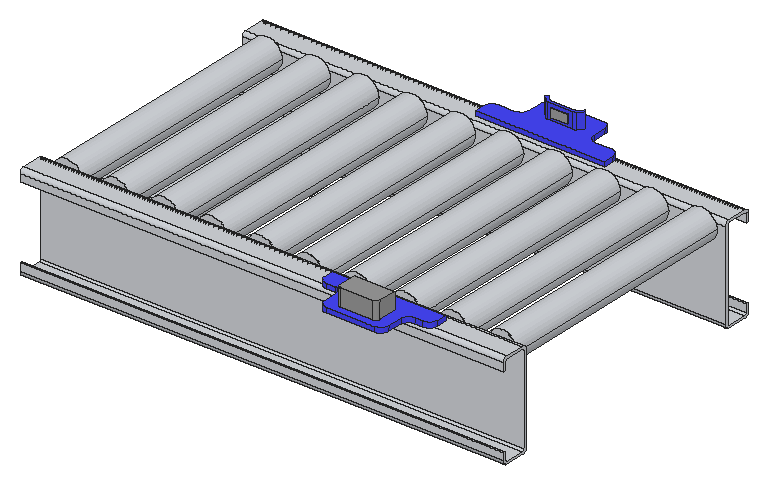
Revit family "C380_ENTRY", category Specialty Equipment, Revit 2025
Family settings
  Round Connector Dimension = Use Diameter
  Part Type = Normal
  Work Plane-Based = No
  Enable Cutting in Views = No
  Always vertical = Yes
  Cut with Voids When Loaded = No
  Maintain Annotation Orientation = No
  Shared = No
  Room Calculation Point = No
Parameters (values of type "C380-ENTRY-18"")
  Weight [instance] = 0
  Version = ""
  Subsystem [instance] = ""
  Special_Part_Number [instance] = ""
  Special_Description [instance] = ""
  Special_Bed [instance] = no
  Segment [instance] = ""
  SIO_Block_Number [instance] = ""
  Material_Number [instance] = ""
  MCP [instance] = ""
  Lookup Table Name BCL [instance] = "BOTTOM_COVER_BCL"
  Lookup Table Name [instance] = "PHOTO_EYE"
  Load_Envelope_Height [instance] = 1' - 0"
  Load_Envelope [instance] = no
  IO_Block_Number [instance] = ""
  Field_Cut [instance] = no
  Estop_Zone [instance] = ""
  Error_State [instance] = no
  Default Elevation = 0' - 0"
  Conveyor_Number [instance] = "100"
  Conveyor_Elevation_Out [instance] = Conveyor_Elevation_In  # 2' - 6"
  Conveyor_Elevation_In [instance] = 2' - 6"
  CLR_ZONE_CONTROL = "N"
  CLR_ZONES [instance] = 2' - 0"
  CLR_VFD = no
  CLR_TE_POSITION = "N"
  CLR_TAKE_UP_SPRING_QUANTITY = 0
  CLR_TAKE_UP = "N"
  CLR_SUBCLASS = ""
  CLR_SPRING_COVER [instance] = no
  CLR_SPEED_FPM = 0
  CLR_SLAVE_RATIO = "N"
  CLR_SENSOR_SKEW [instance] = size_lookup(Lookup Table Name, "CSS", CLR_PhotoEye_SP, CLR_NOMINAL_WIDTH, CLR_ZONES, CLR_SENSOR_ANGLE)  # 1' - 0"
  CLR_SENSOR_MOUNT [instance] = "Side"
  CLR_SENSOR_HAND [instance] = "Left"
  CLR_SENSOR_ANGLE [instance] = 9.00°
  CLR_ROLLER_NUM [instance] = CLR_BED_LENGTH / CLR_ROLLER_CENTER  # 10
  CLR_ROLLER_CENTER [instance] = 0' - 3"
  CLR_PhotoEye_SP [instance] = if(CLR_ZONES = 3' 0", 1' 0", if(CLR_ZONES = 2' 0", 0' 8", 0' 8"))  # 0' - 8"
  CLR_PULLEY_TYPE = "N"
  CLR_POPOUT_CARRYING_ROLLERS [instance] = no
  CLR_NOMINAL_WIDTH + 1" [instance] = CLR_NOMINAL_WIDTH + 0' 1"  # 1' - 7"
  CLR_NOMINAL_WIDTH  -2.5" [instance] = CLR_NOMINAL_WIDTH - 0' 2 1/2"  # 1' - 3 1/2"
  CLR_NOMINAL_WIDTH [instance] = if(Bed_Width = 1' 6", 1' 6", if(Bed_Width = 2' 0", 2' 0", if(Bed_Width = 2' 6", 2' 6", if(Bed_Width = 3' 0", 3' 0", if(Bed_Width = 3' 6", 3' 6", 1' 6")))))  # 1' - 6"
  CLR_MOTOR_VOLTAGE = "N"
  CLR_MOTOR_TYPE = "N"
  CLR_MOTOR_HP = 0
  CLR_MODULE = ""
  CLR_LIFTER_ROLLER_CENTER [instance] = 0' - 6"
  CLR_FINGER_GUARD [instance] = no
  CLR_DRIVE_TRAIN_TYPE = "N"
  CLR_DRIVE_SIZE = 0
  CLR_CONTROL_VOLTAGE = "N"
  CLR_CONTROL_DEVICE = "N"
  CLR_CONNECTION_KIT = "N"
  CLR_CARRYING_ROLLER [instance] = "Standard\r\nStandard\r\nStandard"
  CLR_BOTTOM_COVERS [instance] = no
  CLR_BED_LENGTH [instance] = Bed_Length  # 2' - 6"
  CLR_ASSEMBLY_HAND = "N"
  CLR_AIR_BRAKE = 0
  Belting [instance] = if(Bed_Width = 1' 6", 0' 8", if(Bed_Width = 2' 0", 0' 8", if(Bed_Width = 2' 6", 0' 8", if(Bed_Width = 3' 0", 0' 8", if(Bed_Width = 3' 6", 0' 8", 0' 8")))))  # 0' - 8"
  Bed_Width [instance] = 1' - 6"
  Bed_Length [instance] = if(CLR_ZONES = 3' 0", 3' 6", if(CLR_ZONES = 2' 0", 2' 6", 3' 6"))  # 2' - 6"
  BOTTOM_COVERS_LENGTH [instance] = Bed_Length  # 2' - 6"
  Asset ID [instance] = ""
  Air_Consumption [instance] = 0
Types (5): name | Conveyor_Elevation_Out | Conveyor_Elevation_In | CLR_ZONES | CLR_SENSOR_SKEW | CLR_ROLLER_NUM | CLR_PhotoEye_SP | CLR_NOMINAL_WIDTH + 1" | CLR_NOMINAL_WIDTH  -2.5" | CLR_NOMINAL_WIDTH | CLR_BED_LENGTH | Bed_Width | Bed_Length | BOTTOM_COVERS_LENGTH
  C380-ENTRY-18" | 2' - 6" | 2' - 6" | 2' - 0" | 1' - 0" | 10 | 0' - 8" | 1' - 7" | 1' - 3 1/2" | 1' - 6" | 2' - 6" | 1' - 6" | 2' - 6" | 2' - 6"
  C380-ENTRY-24" | 2' - 6" | 2' - 6" | 3' - 0" | 1' - 4" | 14 | 1' - 0" | 2' - 1" | 1' - 9 1/2" | 2' - 0" | 3' - 6" | 2' - 0" | 3' - 6" | 3' - 6"
  C380-ENTRY-30" | 2' - 7 51/256" | 2' - 7 51/256" | 3' - 0" | 1' - 6" | 14 | 1' - 0" | 2' - 7" | 2' - 3 1/2" | 2' - 6" | 3' - 6" | 2' - 6" | 3' - 6" | 3' - 6"
  C380-ENTRY-36" | 2' - 7 51/256" | 2' - 7 51/256" | 3' - 0" | 1' - 6" | 14 | 1' - 0" | 3' - 1" | 2' - 9 1/2" | 3' - 0" | 3' - 6" | 3' - 0" | 3' - 6" | 3' - 6"
  C380-ENTRY-42" | 2' - 7 51/256" | 2' - 7 51/256" | 3' - 0" | 1' - 8" | 14 | 1' - 0" | 3' - 7" | 3' - 3 1/2" | 3' - 6" | 3' - 6" | 3' - 6" | 3' - 6" | 3' - 6"
Reference planes (in)
  plane 1 "Centerline": y = 0
  plane 2: z = 0
  plane 3 "Entry_End": x = 0
  plane 4 "Top_of_Roller": z = 30
  plane 5 "Top_of_SideFrame": z = 29.71
  plane 6 "Bot_of_SideFrame": z = 23.71
  plane 7 "LH_Out": y = 9.5
  plane 8 "RH_Out": y = -9.5
  plane 9 "RH_In": y = -7.75
  plane 10 "LH_In": y = 7.75
  plane 11 "Exit_End": x = 30
  plane 12 "PhotoEye_SP": x = 22
  plane 13: x = 60.81944
  plane 14: y = -38.13976
  plane 15: z = 30
  plane 16: z = 42
  plane 17: y = -7.75
  plane 18: y = 7.75
  plane 19 "END_PULLY": y = 5.44
  plane 20: y = -5.44
Forms (in)
  Extrusion 1, solid, detail levels coarse+medium
    sketch origin (0, 0, 0) x (0, 1, 0) y (0, 0, 1)
      loop
        line (9.5, 29.71) -> (-9.5, 29.71) -> (-9.5, 23.71) -> (9.5, 23.71) -> (9.5, 29.71)
    from 0 to 30
  Extrusion 2, solid, material "Load Envelope", visible <- "Load_Envelope"
    sketch origin (0, 0, 0) x (0, 1, 0) y (0, 0, 1)
      loop
        line (7.75, 42) -> (-7.75, 42) -> (-7.75, 30) -> (7.75, 30) -> (7.75, 42)
    from 0 to 30
  Extrusion 3, solid
    sketch origin (0, 0, 0) x (1, 0, 0) y (0, 0, 1)
      loop
        circle (3.5, 25.93) r 1.94
    from -5.44 to 5.44
  Extrusion 4, solid
    sketch origin (0, 5.44, 0) x (-1, 0, 0) y (0, 0, 1)
      loop
        line (-0.38, 28.04) -> (-6, 28.04) -> (-6, 23.71) -> (-0.38, 23.71) -> (-0.38, 28.04)
    from 0 to 2.31
  Extrusion 5, solid
    sketch origin (0, -16.75, 0) x (-1, 0, 0) y (0, 0, 1)
      loop
        line (-0.38, 28.04) -> (-6, 28.04) -> (-6, 23.71) -> (-0.38, 23.71) -> (-0.38, 28.04)
    from 9 to 11.31
  Extrusion 6, solid
    sketch origin (0, 0, 0) x (1, 0, 0) y (0, 0, 1)
      loop
        arc (1.1444, 24.115) -> (1.18102, 24.02661) -> (1.2694, 23.99) r 0.125
        line (1.2694, 23.99) -> (1.8944, 23.99) -> (1.8944, 24.06813) -> (1.2869, 24.06813)
        arc (1.2869, 24.06813) -> (1.24271, 24.08643) -> (1.2244, 24.13063) r 0.0625
        line (1.2244, 24.13063) -> (1.2244, 27.72938)
        arc (1.2244, 27.72938) -> (1.24271, 27.77357) -> (1.2869, 27.79188) r 0.0625
        line (1.2869, 27.79188) -> (1.8944, 27.79188) -> (1.8944, 27.87) -> (1.2694, 27.87)
        arc (1.2694, 27.87) -> (1.18102, 27.83339) -> (1.1444, 27.745) r 0.125
        line (1.1444, 27.745) -> (1.1444, 24.115)
    from -5.44 to 5.44
Lines and regions (in)
  model lines, style "Belt"
    curve 1: line (0, 4, 30) -> (30, 4, 30)
    curve 2: line (0, -4, 30) -> (0, 4, 30)
    curve 3: line (30, -4, 30) -> (0, -4, 30)
    curve 4: line (30, 4, 30) -> (30, -4, 30)
  model lines, style "Centerline"
    curve 5: line (0, 0, 30) -> (30, 0, 30)
  model lines, style "FLow Arrow", not visible
    curve 6: line (108.81944, -38.13976, 30) -> (132.81944, -38.13976, 30)
    curve 7: line (132.81944, -38.13976, 30) -> (122.42713, -32.13976, 30)
    curve 8: line (132.81944, -38.13976, 30) -> (122.42713, -44.13976, 30)
Dimensions and locks (in)
  equal spacing: plane 10 "LH_In", plane 1 "Centerline", plane 9 "RH_In"
  "CLR_NOMINAL_WIDTH  -2.5"": plane 10 "LH_In" to plane 9 "RH_In"
  equal spacing: plane 7 "LH_Out", plane 1 "Centerline", plane 8 "RH_Out"
  "CLR_NOMINAL_WIDTH + 1"": plane 7 "LH_Out" to plane 8 "RH_Out"
  "Conveyor_Elevation_In": plane 4 "Top_of_Roller" to level
  locked: plane 4 "Top_of_Roller" to plane 5 "Top_of_SideFrame" at 0.29
  locked: plane 5 "Top_of_SideFrame" to plane 6 "Bot_of_SideFrame" at 6
  locked: nested 1 to plane 6 "Bot_of_SideFrame"
  locked: nested 1 to plane 10 "LH_In"
  locked: plane 6 "Bot_of_SideFrame" to nested 2
  locked: plane 9 "RH_In" to nested 2
  locked: plane 3 "Entry_End" to nested 3 at 1.5
  locked: plane 4 "Top_of_Roller" to nested 3
  equal spacing: group 1, group 2, group 3, group 4, group 5, group 6, group 7, group 8, group 10, group 11  (x2)
  equal spacing: group 11, group 10, group 8, group 7, group 6, group 5, group 4, group 3, group 2, group 1
  locked: plane 3 "Entry_End" to nested 4 at 4.5
  "CLR_BED_LENGTH": plane 3 "Entry_End" to plane 11 "Exit_End"
  "CLR_PhotoEye_SP": plane 11 "Exit_End" to plane 12 "PhotoEye_SP"
  locked: plane 5 "Top_of_SideFrame" to nested 11
  locked: plane 8 "RH_Out" to nested 12
  locked: plane 5 "Top_of_SideFrame" to nested 12
  equal spacing: curve 3, plane 1 "Centerline", curve 1
  "Belting": curve 3 to curve 1
  equal spacing: plane 18, plane 1 "Centerline", plane 17
  "CLR_NOMINAL_WIDTH  -2.5"": plane 18 to plane 17
  "Load_Envelope_Height": plane 16 to plane 15
  locked: plane 3 "Entry_End" to nested 15
  plane 12 "PhotoEye_SP" to plane 11 "Exit_End" = 0' - 8"
  locked: Extrusion 3 sketch curve to plane 3 "Entry_End" at 3.5
  locked: Extrusion 3 sketch curve to plane 6 "Bot_of_SideFrame" at 2.22
  equal spacing: plane 19 "END_PULLY", plane 1 "Centerline", plane 20
  locked: plane 19 "END_PULLY" to plane 10 "LH_In" at 2.31
  locked: Extrusion 4 sketch curve to plane 3 "Entry_End" at 0.38
  locked: Extrusion 4 sketch curve to Extrusion 1 at 4.33
  locked: Extrusion 4 sketch curve to Extrusion 4 sketch curve at 5.62
  locked: Extrusion 5 sketch curve to Extrusion 5 sketch curve at 5.62
  locked: Extrusion 5 to plane 20
  locked: plane 3 "Entry_End" to Extrusion 5 at 0.38
  locked: Extrusion 6 sketch curve to Extrusion 6 sketch curve at 0.08
  locked: Extrusion 6 to plane 3 "Entry_End" at 1.1444
  locked: Extrusion 6 to plane 6 "Bot_of_SideFrame" at 0.28
  "CLR_SENSOR_SKEW": nested 11 to plane 11 "Exit_End"
  locked: plane 4 "Top_of_Roller" to nested 14
  aligned and locked: level to plane 2
  aligned and locked: plane 3 "Entry_End" to nested 1
  aligned and locked: plane 3 "Entry_End" to nested 2
  aligned and locked: plane 1 "Centerline" to nested 3
  aligned and locked: plane 7 "LH_Out" to nested 11
  aligned and locked: plane 12 "PhotoEye_SP" to nested 12
  aligned and locked: plane 3 "Entry_End" to curve 2
  aligned and locked: curve 4 to plane 11 "Exit_End"
  aligned and locked: Extrusion 1 to plane 7 "LH_Out"
  aligned and locked: plane 5 "Top_of_SideFrame" to Extrusion 1
  aligned and locked: Extrusion 1 to plane 6 "Bot_of_SideFrame"
  aligned and locked: plane 11 "Exit_End" to Extrusion 1
  aligned and locked: plane 4 "Top_of_Roller" to plane 15
  aligned and locked: plane 16 to Extrusion 2 sketch curve
  aligned and locked: Extrusion 2 sketch curve to plane 10 "LH_In"
  aligned and locked: Extrusion 2 sketch curve to nested 3  (x2)
  aligned and locked: plane 11 "Exit_End" to Extrusion 2
  aligned and locked: nested 15 to plane 6 "Bot_of_SideFrame"
  aligned and locked: plane 1 "Centerline" to nested 15
  aligned and locked: Extrusion 3 to plane 20
  aligned and locked: plane 19 "END_PULLY" to Extrusion 3
  aligned and locked: Extrusion 4 to plane 10 "LH_In"
  aligned and locked: plane 9 "RH_In" to Extrusion 5
  aligned and locked: plane 19 "END_PULLY" to Extrusion 6
  aligned and locked: Extrusion 6 to plane 20
Automatic sketch dimensions
  plane 1 "Centerline" to curve 5 = 0' - 0"
  Extrusion 1 sketch curve to plane 5 "Top_of_SideFrame" = 0' - 0"
  Extrusion 1 sketch curve to plane 8 "RH_Out" = 0' - 0"
  Extrusion 1 sketch curve to plane 6 "Bot_of_SideFrame" = 0' - 0"
  Extrusion 1 sketch curve to plane 7 "LH_Out" = 0' - 0"
  Extrusion 4 sketch curve to plane 6 "Bot_of_SideFrame" = 0' - 0"
  Extrusion 5 sketch curve to plane 6 "Bot_of_SideFrame" = 0' - 0"
  Extrusion 5 sketch curve to plane 5 "Top_of_SideFrame" = 0' - 1.67"
  plane 3 "Entry_End" to Extrusion 5 sketch curve = 0' - 6"
  Extrusion 6 sketch curve to Extrusion 6 sketch curve = 0' - 0.045"
  Extrusion 6 sketch curve to Extrusion 6 sketch curve = 0' - 0.0175"  (x2)
  Extrusion 6 sketch curve to Extrusion 6 sketch curve = 0' - 0 1/8"
  Extrusion 6 sketch curve to Extrusion 6 sketch curve = 0' - 0.6075"  (x2)
  plane 6 "Bot_of_SideFrame" to Extrusion 6 sketch curve = 0' - 0.28"
  Extrusion 6 sketch curve to Extrusion 6 sketch curve = 0' - 0 5/64"
  Extrusion 6 sketch curve to plane 5 "Top_of_SideFrame" = 0' - 1.98062"
  Extrusion 6 sketch curve to Extrusion 6 sketch curve = 0' - 0 1/64"
  plane 3 "Entry_End" to Extrusion 6 sketch curve = 0' - 1.1444"
  radius of Extrusion 3 sketch curve = 0' - 1.94"
Nested families (in)
  nested 1: "SW0024A" at (15, 8.625, -0.29) x (0, -1, 0) z (0, 0, 1), Bed_Length <- "CLR_BED_LENGTH", type "SW0024A", detail levels fine
    with Conveyor_Elevation_In 2' - 6", Bed_Length 2' - 6"
  nested 2: "SW0023A" at (15, -8.625, -0.29) x (0, -1, 0) z (0, 0, 1), Bed_Length <- "CLR_BED_LENGTH", type "SW0023A", detail levels fine
    with Conveyor_Elevation_In 2' - 6", Bed_Length 2' - 6"
  nested 3: "SW0289" at (1.5, 0, 0), B <- "CLR_NOMINAL_WIDTH  -2.5"", type "SW0289", detail levels fine
    with Conveyor_Elevation_In 2' - 6", B 1' - 3 1/2"
  nested 4: "SW0289" at (4.5, 0, 0), B <- "CLR_NOMINAL_WIDTH  -2.5"", type "SW0289", detail levels fine
    with Conveyor_Elevation_In 2' - 6", B 1' - 3 1/2"
  nested 5: "SW0289" at (7.5, 0, 0), B <- "CLR_NOMINAL_WIDTH  -2.5"", type "SW0289", detail levels fine
    with Conveyor_Elevation_In 2' - 6", B 1' - 3 1/2"
  nested 6: "SW0289" at (10.5, 0, 0), B <- "CLR_NOMINAL_WIDTH  -2.5"", type "SW0289", detail levels fine
    with Conveyor_Elevation_In 2' - 6", B 1' - 3 1/2"
  nested 7: "SW0289" at (13.5, 0, 0), B <- "CLR_NOMINAL_WIDTH  -2.5"", type "SW0289", detail levels fine
    with Conveyor_Elevation_In 2' - 6", B 1' - 3 1/2"
  nested 8: "SW0289" at (16.5, 0, 0), B <- "CLR_NOMINAL_WIDTH  -2.5"", type "SW0289", detail levels fine
    with Conveyor_Elevation_In 2' - 6", B 1' - 3 1/2"
  nested 9: "SW0289" at (19.5, 0, 0), B <- "CLR_NOMINAL_WIDTH  -2.5"", type "SW0289", detail levels fine
    with Conveyor_Elevation_In 2' - 6", B 1' - 3 1/2"
  nested 10: "SW0289" at (22.5, 0, 0), B <- "CLR_NOMINAL_WIDTH  -2.5"", type "SW0289", detail levels fine
    with Conveyor_Elevation_In 2' - 6", B 1' - 3 1/2"
  nested 11: "SW0014" at (18, 9.5, -0.00094), type "SW0014"
  nested 12: "SW0037-01" at (22, -9.5, -0.00094), type "SW0037-01"
    with Conveyor_Elevation_In 2' - 5 91/128"
  nested 13: "SW0289" at (25.5, 0, 0), B <- "CLR_NOMINAL_WIDTH  -2.5"", type "SW0289", detail levels fine
    with Conveyor_Elevation_In 2' - 6", B 1' - 3 1/2"
  nested 14: "SW0289" at (28.5, 0, 0), B <- "CLR_NOMINAL_WIDTH  -2.5"", type "SW0289", detail levels fine
    with Conveyor_Elevation_In 2' - 6", B 1' - 3 1/2"
  nested 15: "SW0046" at (15, 0, 0), CLR_NOMINAL_WIDTH <- "CLR_NOMINAL_WIDTH  -2.5"", bottom cover length <- "BOTTOM_COVERS_LENGTH", visible <- "CLR_BOTTOM_COVERS", type "SW0046", detail levels fine
    with bottom cover length 30.000", Nominal wedith 15.268", CLR_NOMINAL_WIDTH 1' - 3 1/2"
Connectors (in)
  cabletrayconduit at (30, 0, 26.71), diameter 6
    settings: on Extrusion 1, index 1, connector width 1' - 0", connector height 1' - 0", connector angle 0.00°, system type 32, placement type 0, profile type 0, connector reference index -1, is primary connector yes, connector utility param no, connector description ""
  cabletrayconduit at (0, 0, 26.71), diameter 6
    settings: on Extrusion 1, index 2, connector width 1' - 0", connector height 1' - 0", connector angle 0.00°, system type 32, placement type 0, profile type 0, connector reference index -1, is primary connector no, connector utility param no, connector description ""
Definition of nested family "SW0024A"
  Parameters (values of type "SW0024A")
    Description = "SW0001A - 6.00 X 1.75 X \"A\" LG"
    Default Elevation = 0' - 0"
    Conveyor_Elevation_In [instance] = 2' - 6"
    Bed_Length [instance] = 12' - 0"
  Reference planes (in)
    plane 1 "Center (Front/Back)": y = 0
    plane 2: z = 0
    plane 3 "Centerline": x = 0
    plane 4 "Bot_of_SideFrame": z = 24
    plane 5 "Top_of_SideFrame": z = 30
    plane 6 "LH_Out": x = 0.875
    plane 7 "LH_In": x = -0.875
    plane 8 "Entry_End": y = -72
    plane 9 "Exit_End": y = 72
  Forms (in)
    Extrusion 1, solid
      sketch origin (0, 0, 0) x (1, 0, 0) y (0, 0, 1)
        loop
          arc (-0.615, 30) -> (-0.79885, 29.92385) -> (-0.875, 29.74) r 0.26
          line (-0.875, 29.74) -> (-0.875, 29.25) -> (-0.74609, 29.25) -> (-0.74609, 29.75109)
          arc (-0.74609, 29.75109) -> (-0.71095, 29.83595) -> (-0.62609, 29.87109) r 0.12
          line (-0.62609, 29.87109) -> (0.62609, 29.87109)
          arc (0.62609, 29.87109) -> (0.71095, 29.83595) -> (0.74609, 29.75109) r 0.12
          line (0.74609, 29.75109) -> (0.74609, 24.24891)
          arc (0.74609, 24.24891) -> (0.71095, 24.16405) -> (0.62609, 24.12891) r 0.12
          line (0.62609, 24.12891) -> (-0.62609, 24.12891)
          arc (-0.62609, 24.12891) -> (-0.71095, 24.16405) -> (-0.74609, 24.24891) r 0.12
          line (-0.74609, 24.24891) -> (-0.74609, 24.75) -> (-0.875, 24.75) -> (-0.875, 24.26)
          arc (-0.875, 24.26) -> (-0.79885, 24.07615) -> (-0.615, 24) r 0.26
          line (-0.615, 24) -> (0.615, 24)
          arc (0.615, 24) -> (0.79885, 24.07615) -> (0.875, 24.26) r 0.26
          line (0.875, 24.26) -> (0.875, 29.74)
          arc (0.875, 29.74) -> (0.79885, 29.92385) -> (0.615, 30) r 0.26
          line (0.615, 30) -> (-0.615, 30)
      from -72 to 72
  Dimensions and locks (in)
    "Conveyor_Elevation_In": plane 5 "Top_of_SideFrame" to level
    locked: plane 5 "Top_of_SideFrame" to plane 4 "Bot_of_SideFrame" at 6
    equal spacing: plane 6 "LH_Out", plane 3 "Centerline", plane 7 "LH_In"
    plane 6 "LH_Out" to plane 7 "LH_In" = 0' - 1 3/4"
    plane 6 "LH_Out" to plane 3 "Centerline" = 0' - 0 7/8"
    equal spacing: plane 9 "Exit_End", plane 1 "Center (Front/Back)", plane 8 "Entry_End"
    "Bed_Length": plane 9 "Exit_End" to plane 8 "Entry_End"
    aligned and locked: plane 2 to level
    aligned and locked: Extrusion 1 sketch curve to plane 5 "Top_of_SideFrame"
    aligned and locked: plane 7 "LH_In" to Extrusion 1 sketch curve
    aligned and locked: plane 4 "Bot_of_SideFrame" to Extrusion 1 sketch curve
    aligned and locked: plane 6 "LH_Out" to Extrusion 1 sketch curve
    aligned and locked: Extrusion 1 to plane 8 "Entry_End"
    aligned and locked: plane 9 "Exit_End" to Extrusion 1
  Automatic sketch dimensions
    Extrusion 1 sketch curve to plane 7 "LH_In" = 0' - 0"
    Extrusion 1 sketch curve to Extrusion 1 sketch curve = 0' - 0 33/256"  (x2)
    Extrusion 1 sketch curve to Extrusion 1 sketch curve = 0' - 0.12"  (x3)
    Extrusion 1 sketch curve to Extrusion 1 sketch curve = 0' - 0.01109"  (x5)
    Extrusion 1 sketch curve to plane 5 "Top_of_SideFrame" = 0' - 0.26"
    plane 6 "LH_Out" to Extrusion 1 sketch curve = 0' - 0.26"
    plane 4 "Bot_of_SideFrame" to Extrusion 1 sketch curve = 0' - 0 33/256"
    Extrusion 1 sketch curve to Extrusion 1 sketch curve = 0' - 0.49"  (x2)
Definition of nested family "SW0023A"
  Parameters (values of type "SW0023A")
    Description = "SW0001A - 6.00 X 1.75 X \"A\" LG"
    Default Elevation = 0' - 0"
    Conveyor_Elevation_In [instance] = 2' - 6"
    Bed_Length [instance] = 12' - 0"
  Reference planes (in)
    plane 1 "Center (Front/Back)": y = 0
    plane 2: z = 0
    plane 3 "CenterLine": x = 0
    plane 4 "Bot_of_SideFrame": z = 24
    plane 5 "Top_of_SideFrame": z = 30
    plane 6 "RH_OUT": x = 0.875
    plane 7 "RH_IN": x = -0.875
    plane 8 "Entry_End": y = -72
    plane 9 "Exit_End": y = 72
  Forms (in)
    Extrusion 1, solid
      sketch origin (0, 0, 0) x (1, 0, 0) y (0, 0, 1)
        loop
          arc (-0.615, 30) -> (-0.79885, 29.92385) -> (-0.875, 29.74) r 0.26
          line (-0.875, 29.74) -> (-0.875, 24.26)
          arc (-0.875, 24.26) -> (-0.79885, 24.07615) -> (-0.615, 24) r 0.26
          line (-0.615, 24) -> (0.615, 24)
          arc (0.615, 24) -> (0.79885, 24.07615) -> (0.875, 24.26) r 0.26
          line (0.875, 24.26) -> (0.875, 24.75) -> (0.74219, 24.75) -> (0.74219, 24.25281)
          arc (0.74219, 24.25281) -> (0.70704, 24.16796) -> (0.62219, 24.13281) r 0.12
          line (0.62219, 24.13281) -> (-0.62219, 24.13281)
          arc (-0.62219, 24.13281) -> (-0.70704, 24.16796) -> (-0.74219, 24.25281) r 0.12
          line (-0.74219, 24.25281) -> (-0.74219, 29.74719)
          arc (-0.74219, 29.74719) -> (-0.70704, 29.83204) -> (-0.62219, 29.86719) r 0.12
          line (-0.62219, 29.86719) -> (0.62219, 29.86719)
          arc (0.62219, 29.86719) -> (0.70704, 29.83204) -> (0.74219, 29.74719) r 0.12
          line (0.74219, 29.74719) -> (0.74219, 29.25) -> (0.875, 29.25) -> (0.875, 29.74)
          arc (0.875, 29.74) -> (0.79885, 29.92385) -> (0.615, 30) r 0.26
          line (0.615, 30) -> (-0.615, 30)
      from -72 to 72
  Dimensions and locks (in)
    equal spacing: plane 6 "RH_OUT", plane 3 "CenterLine", plane 7 "RH_IN", locked at 0.875 each
    "Conveyor_Elevation_In": plane 5 "Top_of_SideFrame" to level
    locked: plane 5 "Top_of_SideFrame" to plane 4 "Bot_of_SideFrame" at 6
    plane 6 "RH_OUT" to plane 7 "RH_IN" = 0' - 1 3/4"
    equal spacing: plane 9 "Exit_End", plane 1 "Center (Front/Back)", plane 8 "Entry_End"
    "Bed_Length": plane 9 "Exit_End" to plane 8 "Entry_End"
    aligned and locked: plane 2 to level
    aligned and locked: Extrusion 1 to plane 8 "Entry_End"
    aligned and locked: plane 9 "Exit_End" to Extrusion 1
  Automatic sketch dimensions
    Extrusion 1 sketch curve to plane 7 "RH_IN" = 0' - 0"
    Extrusion 1 sketch curve to plane 4 "Bot_of_SideFrame" = 0' - 0"
    Extrusion 1 sketch curve to plane 5 "Top_of_SideFrame" = 0' - 0"
    Extrusion 1 sketch curve to plane 6 "RH_OUT" = 0' - 0"  (x2)
    Extrusion 1 sketch curve to Extrusion 1 sketch curve = 0' - 0.12"  (x3)
    Extrusion 1 sketch curve to Extrusion 1 sketch curve = 0' - 0.00719"  (x9)
    Extrusion 1 sketch curve to plane 6 "RH_OUT" = 0' - 0 17/128"
    Extrusion 1 sketch curve to Extrusion 1 sketch curve = 0' - 0.12719"
    Extrusion 1 sketch curve to Extrusion 1 sketch curve = 0' - 0.49719"
    Extrusion 1 sketch curve to Extrusion 1 sketch curve = 0' - 0.49"
    Extrusion 1 sketch curve to Extrusion 1 sketch curve = 0' - 0"
    plane 7 "RH_IN" to Extrusion 1 sketch curve = 0' - 0 17/128"
Definition of nested family "SW0289"
  Parameters (values of type "SW0289")
    Default Elevation = 0' - 0"
    Conveyor_Elevation_In [instance] = 2' - 6"
    B [instance] = 2' - 3 1/2"
  Reference planes (in)
    plane 1 "Center (Front/Back)": y = 0
    plane 2: z = 0
    plane 3 "Center (Left/Right)": x = 0
    plane 4 "Top_of_Roller": z = 30
    plane 5 "RH_In": y = -13.75
    plane 6 "LH_In": y = 13.75
    plane 7: z = 29.0625
  Forms (in)
    Extrusion 1, solid
      sketch origin (0, 0, 1.0625) x (1, 0, 0) y (0, 0, 1)
        loop
          circle (0, 28) r 0.9375
      from -13.75 to 13.75
  Dimensions and locks (in)
    "Conveyor_Elevation_In": plane 4 "Top_of_Roller" to level
    plane 4 "Top_of_Roller" to Extrusion 1 sketch curve = 0' - 0 15/16"
    equal spacing: plane 6 "LH_In", plane 1 "Center (Front/Back)", plane 5 "RH_In"
    "B": plane 6 "LH_In" to plane 5 "RH_In"
    locked: plane 4 "Top_of_Roller" to plane 7 at 0.9375
    diameter of Extrusion 1 sketch curve = 0' - 1 7/8"
    aligned and locked: level to plane 2
    aligned and locked: Extrusion 1 to plane 5 "RH_In"
    aligned and locked: plane 6 "LH_In" to Extrusion 1
    aligned and locked: plane 7 to Extrusion 1
  Automatic sketch dimensions
    Extrusion 1 sketch curve to plane 3 "Center (Left/Right)" = 0' - 0"
Definition of nested family "SW0014"
  Parameters (values of type "SW0014")
    Default Elevation = 4' - 0"
    Conveyor_Elevation_In = 2' - 5 91/128"
  Reference planes (in)
    plane 1 "Center (Front/Back)": y = 0
    plane 2: z = 0
    plane 3 "Center (Left/Right)": x = 0
    plane 4: y = 1.88
    plane 5: x = 4
    plane 6: x = -4
    plane 7: y = -1.13
    plane 8: x = -1.25
    plane 9: x = 1.25
    plane 10: z = 30.47656
    plane 11 "Top_of_SideFrame": z = 29.71094
  Forms (in)
    Extrusion 1, solid
      sketch origin (0, 0, 0) x (1, 0, 0) y (0, 1, 0)
        loop
          line (-4, -1.13) -> (4, -1.13) -> (4, -0.5)
          arc (4, -0.5) -> (3.85355, -0.14645) -> (3.5, 0) r 0.5
          line (3.5, 0) -> (2.5, 0)
          arc (2.5, 0) -> (2.14645, 0.14645) -> (2, 0.5) r 0.5
          line (2, 0.5) -> (2, 1.38)
          arc (2, 1.38) -> (1.85355, 1.73355) -> (1.5, 1.88) r 0.5
          line (1.5, 1.88) -> (-1.5, 1.88)
          arc (-1.5, 1.88) -> (-1.85355, 1.73355) -> (-2, 1.38) r 0.5
          line (-2, 1.38) -> (-2, 0.5)
          arc (-2, 0.5) -> (-2.14645, 0.14645) -> (-2.5, 0) r 0.5
          line (-2.5, 0) -> (-3.5, 0)
          arc (-3.5, 0) -> (-3.85355, -0.14645) -> (-4, -0.5) r 0.5
          line (-4, -0.5) -> (-4, -1.13)
      from 29.71094 to 30
    Extrusion 2, solid
      sketch origin (0, 0, 30) x (1, 0, 0) y (0, 1, 0)
        loop
          line (-1.25, 0.75) -> (-0.96967, 0.46967)
          arc (-0.96967, 0.46967) -> (-0.88856, 0.41548) -> (-0.79289, 0.39645) r 0.25
          line (-0.79289, 0.39645) -> (0.79289, 0.39645)
          arc (0.79289, 0.39645) -> (0.88856, 0.41548) -> (0.96967, 0.46967) r 0.25
          line (0.96967, 0.46967) -> (1.25, 0.75) -> (1.11261, 0.88739) -> (0.88919, 0.66397)
          arc (0.88919, 0.66397) -> (0.80808, 0.60978) -> (0.71241, 0.59075) r 0.25
          line (0.71241, 0.59075) -> (-0.71241, 0.59075)
          arc (-0.71241, 0.59075) -> (-0.80808, 0.60978) -> (-0.88919, 0.66397) r 0.25
          line (-0.88919, 0.66397) -> (-1.11261, 0.88739) -> (-1.25, 0.75)
      from 0 to 0.94922
    Extrusion 3, solid
      sketch origin (0.89645, 0.39645, 29.47656) x (-1, 0, 0) y (0, 0, -1)
        loop
          line (1.39645, -1.26562) -> (1.39645, -0.73437) -> (0.39645, -0.73437) -> (0.39645, -1.26562) -> (1.39645, -1.26562)
      from 0 to 0.06578
  Dimensions and locks (in)
    equal spacing: plane 6, plane 3 "Center (Left/Right)", plane 5
    equal spacing: Extrusion 1 sketch curve, plane 3 "Center (Left/Right)", Extrusion 1 sketch curve
    equal spacing: Extrusion 3 sketch curve, plane 3 "Center (Left/Right)", Extrusion 3 sketch curve
    equal spacing: Extrusion 3 sketch curve, plane 10, Extrusion 3 sketch curve
    Extrusion 3 sketch curve to Extrusion 3 sketch curve = 0' - 1"
    Extrusion 3 sketch curve to Extrusion 3 sketch curve = 0' - 0 17/32"
    Extrusion 1 sketch curve to Extrusion 1 sketch curve = 0' - 4"
    plane 1 "Center (Front/Back)" to plane 4 = 0' - 1.88"
    plane 6 to plane 5 = 0' - 8"
    plane 1 "Center (Front/Back)" to plane 7 = 0' - 1.13"
    "Conveyor_Elevation_In": plane 11 "Top_of_SideFrame" to level
    locked: Extrusion 1 to plane 11 "Top_of_SideFrame" at 0.28906
    locked: Extrusion 1 to Extrusion 3 at 0.5
    aligned and locked: plane 2 to level
    aligned and locked: Extrusion 1 sketch curve to plane 4
    aligned and locked: plane 5 to Extrusion 1 sketch curve
    aligned and locked: Extrusion 1 sketch curve to plane 7
    aligned and locked: plane 11 "Top_of_SideFrame" to Extrusion 1
  Automatic sketch dimensions
    Extrusion 1 sketch curve to plane 6 = 0' - 0"
    plane 1 "Center (Front/Back)" to Extrusion 1 sketch curve = 0' - 0"  (x2)
    Extrusion 1 sketch curve to Extrusion 1 sketch curve = 0' - 0 1/2"  (x4)
    Extrusion 1 sketch curve to plane 1 "Center (Front/Back)" = 0' - 0 1/2"
    Extrusion 1 sketch curve to plane 4 = 0' - 0 1/2"
    Extrusion 2 sketch curve to Extrusion 1 = 0' - 0 3/4"
    Extrusion 2 sketch curve to Extrusion 2 sketch curve = 0' - 0.13739"
    Extrusion 1 to Extrusion 2 sketch curve = 0' - 0.46967"  (x2)
    Extrusion 2 sketch curve to Extrusion 2 sketch curve = 0' - 0.28033"
    Extrusion 1 to Extrusion 2 sketch curve = 0' - 0.66397"  (x2)
    Extrusion 2 sketch curve to Extrusion 2 sketch curve = 0' - 0.08048"  (x3)
    Extrusion 2 sketch curve to Extrusion 2 sketch curve = 0' - 0.17678"  (x2)
    Extrusion 2 sketch curve to Extrusion 1 = 0' - 1.28759"
    Extrusion 2 sketch curve to Extrusion 2 sketch curve = 0' - 0.0963"
    Extrusion 2 sketch curve to Extrusion 2 sketch curve = 0' - 0.22342"
    Extrusion 1 to Extrusion 2 sketch curve = 0' - 0 3/4"
    Extrusion 2 sketch curve to Extrusion 2 sketch curve = 0' - 0.07322"
    Extrusion 2 sketch curve to Extrusion 2 sketch curve = 0' - 0.0557"
Definition of nested family "SW0037-01"
  Parameters (values of type "SW0037-01")
    Default Elevation = 4' - 0"
    Conveyor_Elevation_In [instance] = 2' - 5 91/128"
  Reference planes (in)
    plane 1 "Center (Front/Back)": y = 0
    plane 2: z = 0
    plane 3 "Center (Left/Right)": x = 0
    plane 4: y = -1.87
    plane 5: x = -3.5
    plane 6: x = 3.5
    plane 7: y = 1.13
    plane 8: y = 0.6875
    plane 9: z = 1.09766
    plane 10 "Top_of_SideFrame": z = 29.71094
  Forms (in)
    Extrusion 1, solid
      sketch origin (0, 0, 0) x (-1, 0, 0) y (0, -1, 0)
        loop
          line (-3.5, -0.5) -> (-3.5, -1.13) -> (3.5, -1.13) -> (3.5, -0.5)
          arc (3.5, -0.5) -> (3.35355, -0.14645) -> (3, 0) r 0.5
          line (3, 0) -> (2.5, 0)
          arc (2.5, 0) -> (2.14645, 0.14645) -> (2, 0.5) r 0.5
          line (2, 0.5) -> (2, 1.37)
          arc (2, 1.37) -> (1.85355, 1.72355) -> (1.5, 1.87) r 0.5
          line (1.5, 1.87) -> (-1.5, 1.87)
          arc (-1.5, 1.87) -> (-1.85355, 1.72355) -> (-2, 1.37) r 0.5
          line (-2, 1.37) -> (-2, 0.5)
          arc (-2, 0.5) -> (-2.14645, 0.14645) -> (-2.5, 0) r 0.5
          line (-2.5, 0) -> (-3, 0)
          arc (-3, 0) -> (-3.35355, -0.14645) -> (-3.5, -0.5) r 0.5
      from 29.71094 to 30
    Extrusion 2, solid
      sketch origin (0, 0, 0) x (1, 0, 0) y (0, 1, 0)
        loop
          line (-1.25, 0) -> (-1.25, -1.125)
          arc (-1.25, -1.125) -> (-1.17678, -1.30178) -> (-1, -1.375) r 0.25
          line (-1, -1.375) -> (1, -1.375)
          arc (1, -1.375) -> (1.17678, -1.30178) -> (1.25, -1.125) r 0.25
          line (1.25, -1.125) -> (1.25, 0) -> (-1.25, 0)
      from 30 to 31.05078
    Extrusion 3, solid
      sketch origin (-1.36459, 0, 0) x (1, 0, 0) y (0, 0, -1)
        loop
          circle (1.36459, -30.55078) r 0.25
      from 0 to 0.08951
  Dimensions and locks (in)
    equal spacing: Extrusion 1 sketch curve, plane 3 "Center (Left/Right)", Extrusion 1 sketch curve
    equal spacing: Extrusion 2 sketch curve, plane 3 "Center (Left/Right)", Extrusion 2 sketch curve
    locked: plane 4 to plane 1 "Center (Front/Back)" at 1.87
    plane 1 "Center (Front/Back)" to Extrusion 1 sketch curve = 0' - 1.13"
    equal spacing: plane 5, plane 3 "Center (Left/Right)", plane 6
    plane 5 to plane 6 = 0' - 7"
    Extrusion 1 sketch curve to Extrusion 1 sketch curve = 0' - 4"
    "Conveyor_Elevation_In": plane 10 "Top_of_SideFrame" to level
    Extrusion 2 to Extrusion 3 sketch curve = 0' - 0 1/2"
    aligned and locked: plane 2 to level
    aligned and locked: Extrusion 1 sketch curve to plane 4
  Automatic sketch dimensions
    Extrusion 1 sketch curve to plane 6 = 0' - 0"
    plane 1 "Center (Front/Back)" to Extrusion 1 sketch curve = 0' - 0"  (x2)
    Extrusion 1 sketch curve to plane 5 = 0' - 0"
    plane 6 to Extrusion 1 sketch curve = 0' - 0 1/2"
    Extrusion 1 sketch curve to Extrusion 1 sketch curve = 0' - 0 1/2"  (x3)
    Extrusion 1 sketch curve to plane 4 = 0' - 0 1/2"
    Extrusion 1 sketch curve to plane 8 = 0' - 0 3/16"
    plane 1 "Center (Front/Back)" to Extrusion 2 sketch curve = 0' - 0"
    Extrusion 2 sketch curve to plane 3 "Center (Left/Right)" = 0' - 1 1/4"
    Extrusion 2 sketch curve to Extrusion 2 sketch curve = 0' - 0 1/4"  (x2)
    plane 1 "Center (Front/Back)" to Extrusion 2 sketch curve = 0' - 1 1/8"
    Extrusion 3 sketch curve to Extrusion 2 = 0' - 1 1/4"
    radius of Extrusion 3 sketch curve = 0' - 0 1/4"
Definition of nested family "SW0046"
  Parameters (values of type "SW0046")
    Default Elevation = 0' - 0"
    bottom cover length [instance] = 36.000"
    Nominal wedith [instance] = CLR_NOMINAL_WIDTH - 0.116" - 0.116"  # 11.768"
    CLR_NOMINAL_WIDTH [instance] = 1' - 0"
  Reference planes (in)
    plane 1 "Center (Front/Back)": y = 0
    plane 2: z = 0
    plane 3 "Center (Left/Right)": x = 0
    plane 4: y = 5.884
    plane 5: y = -5.884
    plane 6: x = 18
    plane 7: x = -18
    plane 8 "Bot_of_SideFrame": z = 23.71
    plane 9: y = 6
    plane 10: y = 5.9229
    plane 11: z = 24.71
    plane 12: z = 23.71
    plane 13: y = 5.884
    plane 14: z = 23.7871
    plane 15: x = 13.8
    plane 16: x = -13.8
    plane 17: y = -6
    plane 18: y = -5.9229
    plane 19: z = 24.71
    plane 20: z = 23.71
    plane 21: y = -5.884
    plane 22: z = 23.7871
  Forms (in)
    Extrusion 1, solid
      sketch origin (0, 0, 23.47) x (1, 0, 0) y (0, 1, 0)
        loop
          line (18, 5.884) -> (-18, 5.884) -> (-18, -5.884) -> (18, -5.884) -> (18, 5.884)
      from 0.317 to 0.24
    Extrusion 2, solid
      sketch origin (0, 0, 0) x (0, 1, 0) y (0, 0, 1)
        loop
          line (5.9229, 24.71) -> (5.9229, 23.7871) -> (5.884, 23.7871) -> (5.884, 23.71) -> (5.92336, 23.71)
          arc (5.92336, 23.71) -> (5.97755, 23.73245) -> (6, 23.78664) r 0.07664
          line (6, 23.78664) -> (6, 24.71) -> (5.9229, 24.71)
      from -13.8 to 13.8
    Extrusion 3, solid
      sketch origin (0, -11.25, 0) x (0, -1, 0) y (0, 0, -1)
        loop
          line (-5.3271, -24.71) -> (-5.25, -24.71) -> (-5.25, -23.78664)
          arc (-5.25, -23.78664) -> (-5.27245, -23.73245) -> (-5.32664, -23.71) r 0.07664
          line (-5.32664, -23.71) -> (-5.366, -23.71) -> (-5.366, -23.7871) -> (-5.3271, -23.7871) -> (-5.3271, -24.71)
      from -13.8 to 13.8
  Dimensions and locks (in)
    equal spacing: plane 7, plane 3 "Center (Left/Right)", plane 6
    equal spacing: plane 4, plane 1 "Center (Front/Back)", plane 5
    "bottom cover length": plane 7 to plane 6
    "Nominal wedith": plane 4 to plane 5
    Extrusion 1 to Extrusion 1 = 0' - 0.077"  (x2)
    locked: plane 8 "Bot_of_SideFrame" to Extrusion 1
    locked: level to plane 8 "Bot_of_SideFrame" at 23.71
    locked: plane 8 "Bot_of_SideFrame" to Extrusion 1 at 0.077
    locked: plane 12 to plane 14 at 0.0771
    locked: plane 13 to plane 10 at 0.0389
    locked: plane 10 to plane 9 at 0.0771
    locked: plane 12 to plane 11 at 1
    locked: plane 15 to plane 6 at 4.2
    locked: plane 7 to plane 16 at 4.2
    locked: plane 22 to plane 20 at 0.0771
    locked: plane 21 to plane 18 at 0.0389
    locked: plane 18 to plane 17 at 0.0771
    locked: plane 19 to plane 20 at 1
    Extrusion 2 to Extrusion 2 = 0' - 0.116"
    aligned and locked: level to plane 2
    aligned and locked: plane 4 to Extrusion 1 sketch curve
    aligned and locked: plane 6 to Extrusion 1 sketch curve
    aligned and locked: plane 5 to Extrusion 1 sketch curve
    aligned and locked: Extrusion 1 sketch curve to plane 7
    aligned and locked: plane 8 "Bot_of_SideFrame" to plane 12
    aligned and locked: plane 4 to plane 13
    aligned and locked: plane 15 to Extrusion 2
    aligned and locked: plane 21 to Extrusion 3 sketch curve
    aligned and locked: plane 5 to plane 21
    aligned and locked: plane 15 to Extrusion 3
    aligned and locked: Extrusion 3 to plane 16
    aligned and locked: Extrusion 2 to plane 16
  Automatic sketch dimensions
    Extrusion 2 sketch curve to plane 4 = 0' - 0"
    Extrusion 2 sketch curve to plane 10 = 0' - 0"
    plane 8 "Bot_of_SideFrame" to Extrusion 2 sketch curve = 0' - 0"
    Extrusion 2 sketch curve to plane 9 = 0' - 0"
    plane 14 to Extrusion 2 sketch curve = 0' - 0"
    plane 11 to Extrusion 2 sketch curve = 0' - 0"
    plane 10 to Extrusion 2 sketch curve = 0' - 0.00046"
    Extrusion 3 sketch curve to plane 18 = 0' - 0"
    plane 8 "Bot_of_SideFrame" to Extrusion 3 sketch curve = 0' - 0"
    Extrusion 3 sketch curve to plane 17 = 0' - 0"
    plane 19 to Extrusion 3 sketch curve = 0' - 0"
    plane 22 to Extrusion 3 sketch curve = 0' - 0"
    plane 18 to Extrusion 3 sketch curve = 0' - 0.00046"
